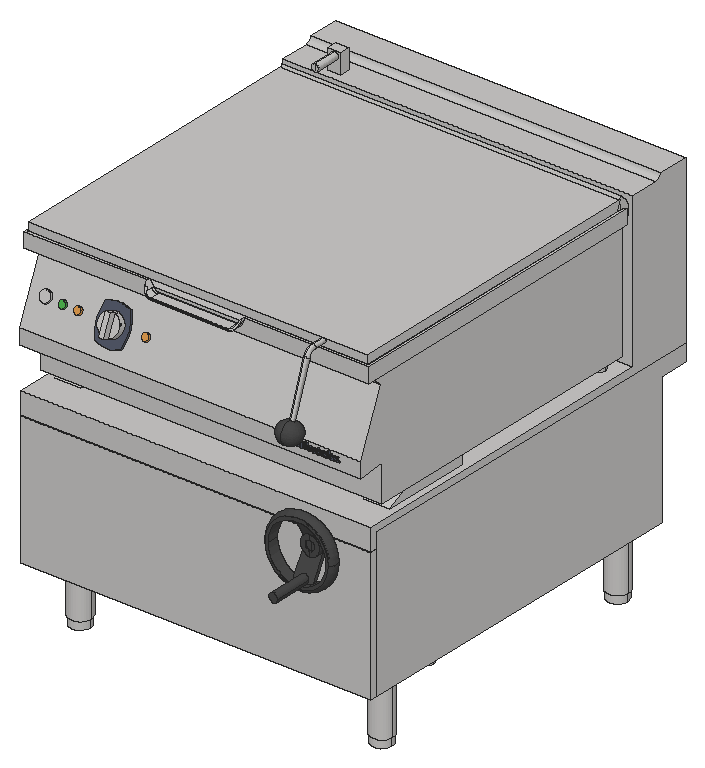
Revit family "QF_ELECTROLUXPROFESSIONAL_391145_E9BREHDOF0", category Specialty Equipment, Revit 2018
Family settings
  Round Connector Dimension = Use Diameter
  Part Type = Normal
  Work Plane-Based = No
  Always vertical = Yes
  Cut with Voids When Loaded = No
  Shared = No
  Room Calculation Point = No
Parameters
  Width = 800 mm  # constant formula
  Weight in Pounds = 150  # constant formula
  Watts = 13000 VA  # 13000 W
  Volts = 400 V  # constant formula
  URL Cutsheet = "www.electrolux.com"
  URL = "www.electrolux.com"
  Type Mark [instance] = ""
  Status [instance] = ""
  Specification by User [instance] = ""
  Specification by Manufacturer = ""
  Show Logo [instance] = yes
  Show Clearance [instance] = yes
  Serial Number = ""
  Seismic Rating = ""
  SMACNA No = ""
  Revision Code [instance] = ""
  Plumbing Remarks [instance] = ""
  Plumbing Connection Type [instance] = ""
  Phase = 3
  Omniclass Number and Title = ""
  Number of Poles [instance] = 1
  NAFEM Spec ID Number = ""
  Model = "391145"
  Min Ckt Ampacity = 0 A
  Max Overcurrent Protection = 0 A
  Masterspec = ""
  Manufacturer = "ELECTROLUX"
  Item Number [instance] = ""
  Installed By [instance] = ""
  Identify Quantity as Lot [instance] = yes
  Height = 850 mm  # constant formula
  HP = "17.4 HP"
  Furnished By [instance] = ""
  Foodservice Equipment Identifier [instance] = yes
  FL Amps = if(Phase = 3, Watts / (Volts * 1.73), Watts / Volts)  # 18.7861 A
  Electrical Remarks [instance] = "400 V/3N ph/50/60 Hz"  # constant formula
  Electric Connection Type [instance] = ""
  Elec Conn RI Height [instance] = 0 mm
  Elec Conn Connection Height [instance] = 0 mm
  Direct Waste Size = 0"
  Description = "900XP ELECTRIC BRATT PAN – 80 LITER WITH DUOMAT BOTTOM"
  Depth = 915 mm  # constant formula
  Cycle [instance] = if([60 Hertz Option], 60 Hz, 50 Hz)  # 60 Hz
  Conn Plug = ""
  Conn Conduit = yes
  Cold Water Temperature Recommended [instance] = -459.67 °F
  Cold Water Size = 3/4"
  Cold Water RI Height [instance] = 0 mm
  Cold Water Minimum Pressure = 0.00 psi
  Cold Water Maximum Pressure = 0.00 psi
  Cold Water Flow [instance] = 0 GPM
  Cold Water Consumption = ""
  Cold Water Connection Height = 0 mm
  CSI MasterFormat = ""
  CSI Master Format = ""
  Assembly Code = ""
  Apparent Power = if(Phase = 3, Volts * FL Amps * 1.73, Volts * FL Amps)  # 13000 VA
  60 Hertz Option [instance] = not([50 Hertz Option])  # yes
  50 Hertz Option [instance] = no
Reference planes
  plane 1 "BACK": y = 0
  plane 2: z = 0
  plane 3 "LEFT": x = 0
  plane 4 "RIGHT": x = 800
  plane 5 "FRONT": y = -915
  plane 6 "TOP": z = 898
  plane 7 "Center Y": x = 400
  plane 8 "Center X": y = -457.5
  plane 9 "Base": z = 149
  plane 10: z = 502.193
  plane 11: z = 1653
  plane 12: y = -125
  plane 13: y = -799
  plane 14: y = -1034
  plane 15: x = 55
  plane 16: y = -160.853
  plane 17: x = 745
  plane 18: y = -1014
  plane 19: y = -899.182
  plane 20: x = 786
  plane 21: z = 850
  plane 22: x = 389
  plane 23: y = -702.182
  plane 24: y = -760.182
  plane 25: x = 340
Forms (mm)
  Revolve 1, solid, material "QF_Finishes_Stainless Steel"
    sketch origin (0, -125, 0) x (1, 0, 0) y (0, 0, 1)
      loop
        line (55, 0) -> (55, 149) -> (29.6, 149) -> (29.6, 19.05) -> (32.1, 19.05) -> (32.1, 0) -> (55, 0)
      axis (55, 0) -> (55, 149)
    angle from 0 to 360
  Revolve 2, solid, material "QF_Finishes_Stainless Steel"
    sketch origin (0, -799, 0) x (1, 0, 0) y (0, 0, 1)
      loop
        line (55, 0) -> (55, 149) -> (29.6, 149) -> (29.6, 19.05) -> (32.1, 19.05) -> (32.1, 0) -> (55, 0)
      axis (55, 0) -> (55, 149)
    angle from 0 to 360
  Extrusion 3, solid, material "QF_Finishes_Stainless Steel"
    sketch origin (0, -214.682, 0) x (0, 1, 0) y (0, 0, 1)
      loop
        line (214.682, 487.193) -> (214.682, 866.248) -> (143.055, 866.248)
        arc (143.055, 866.248) -> (139.432, 857.502) -> (130.686, 853.88) r 12.368
        line (130.686, 853.88) -> (64.682, 853.88) -> (64.682, 502.193) -> (-684.5, 502.193) -> (-684.5, 452.193) -> (-669.5, 452.193) -> (-669.5, 487.193) -> (214.682, 487.193)
      loop
        line (-669.5, 149) -> (-669.5, 451.193) -> (-684.5, 451.193) -> (-684.5, 149) -> (-669.5, 149)
    from 0 to 800
  Extrusion 4, solid, material "QF_Finishes_Stainless Steel"
    sketch origin (0, -214.682, 0) x (0, 1, 0) y (0, 0, 1)
      loop
        line (44.029, 528.406) -> (44.029, 817.127) -> (-678.5, 817.127) -> (-678.5, 809.681) -> (-643.264, 774.446) -> (-700.318, 641.094) -> (-700.318, 606.094) -> (-640.765, 613.406) -> (-640.765, 528.406) -> (44.029, 528.406)
    from 10 to 790
  Sweep 5, solid, material "QF_Finishes_Stainless Steel"
    path origin (0, -204.882, 145) x (-1, 0, 0) y (0, -1, 0)
      loop
        line (-290, 694.3) -> (-5, 694.3) -> (-5, -44.029) -> (-795, -44.029) -> (-795, 694.3) -> (-510, 694.3)
    profile origin (652.5, -899.182, 145) x (0, -1, 0) y (0, 0, 1)
      loop
        line (-5, 651.359) -> (0, 651.359) -> (0, 685.301) -> (-6, 685.301) -> (-6, 681.062) -> (-5, 681.062) -> (-5, 651.359)
  Extrusion 6, solid, material "QF_Finishes_Stainless Steel"
    sketch origin (0, -214.682, -5) x (0, 1, 0) y (0, 0, 1)
      loop
        line (33.715, 835.301) -> (42.572, 855) -> (-677.138, 855) -> (-677.138, 835.301) -> (33.715, 835.301)
      loop
        arc (64.305, 837.022) -> (57.071, 850.749) -> (45.92, 861.539) r 49.182
        line (45.92, 861.539) -> (39.069, 846.301) -> (45.904, 846.301) -> (45.904, 832.604) -> (64.305, 814.204) -> (64.305, 837.022)
    from 12.363 to 787.637
  Extrusion 7, solid, material "QF_Finishes_Stainless Steel"
    sketch origin (0, -214.682, 0) x (0, 1, 0) y (0, 0, 1)
      loop
        line (-403.818, 528.406) -> (-556.057, 528.406) -> (-609.801, 502.193) -> (-403.818, 502.193) -> (-403.818, 528.406)
    from 16.63 to 76.513
  Extrusion 8, solid, material "QF_Finishes_Stainless Steel"
    sketch origin (0, -207.182, 150) x (-1, 0, 0) y (0, -1, 0)
      loop
        circle (-46.571, -17.496) r 15
      loop
        circle (-753.429, -17.496) r 15
    from 352.193 to 383.406
  Extrusion 9, solid, material "QF_Finishes_Stainless Steel"
    sketch origin (0, -64.682, 0) x (0, 1, 0) y (0, 0, 1)
      loop
        line (-43.387, 853.88) -> (-43.387, 898) -> (-67.444, 898) -> (-67.444, 853.88) -> (-43.387, 853.88)
    from 87.469 to 116.843
  Revolve 10, solid, material "QF_Finishes_Stainless Steel"
    sketch origin (103.25, -64.682, 0) x (0, 1, 0) y (0, 0, 1)
      loop
        line (-67.444, 888.097) -> (-67.444, 896.222) -> (-123.629, 896.222) -> (-123.629, 888.097) -> (-67.444, 888.097)
      axis (-123.629, 888.097) -> (-67.444, 888.097)
    angle from 0 to 360
  Extrusion 11, solid, material "QF_Clearances", visible <- "Show Clearance", detail levels coarse
    sketch origin (0, -214.682, 0) x (1, 0, 0) y (0, 1, 0)
      loop
        line (800, 214.682) -> (800, -700.318) -> (850, -700.318) -> (850, 264.682) -> (-50, 264.682) -> (-50, -700.318) -> (0, -700.318) -> (0, 214.682) -> (800, 214.682)
    from 0 to 898
  Extrusion 12, solid, material "QF_Finishes_Stainless Steel"
    sketch origin (800, 0, 0) x (0, 1, 0) y (0, 0, 1)
      loop
        line (-884.182, 149) -> (-69, 149) -> (-69, 448) -> (0, 448) -> (0, 487.193) -> (-884.182, 487.193) -> (-884.182, 149)
    from 0 to -800
  Revolve 13, solid, material "QF_Finishes_Stainless Steel"
    sketch origin (1000, -125, 0) x (-1, 0, 0) y (0, 0, -1)
      loop
        line (255, 0) -> (232.1, 0) -> (232.1, -19.05) -> (229.6, -19.05) -> (229.6, -149) -> (255, -149) -> (255, 0)
      axis (255, 0) -> (255, -149)
    angle from 0 to 360
  Revolve 14, solid, material "QF_Finishes_Stainless Steel"
    sketch origin (1000, -799, 0) x (-1, 0, 0) y (0, 0, -1)
      loop
        line (255, 0) -> (232.1, 0) -> (232.1, -19.05) -> (229.6, -19.05) -> (229.6, -149) -> (255, -149) -> (255, 0)
      axis (255, 0) -> (255, -149)
    angle from 0 to 360
  Sweep 15, solid, material "QF_Finishes_Stainless Steel"
    path origin (8.84, -214.682, -10) x (0, 1, 0) y (0, 0, 1)
      loop
        line (-677.138, 852.831) -> (-705.492, 852.831)
        arc (-705.492, 852.831) -> (-716.963, 849.214) -> (-724.286, 839.672) r 20
        line (-724.286, 839.672) -> (-765.322, 726.924)
    profile origin (8.84, -905.997, 842.831) x (0, 0, -1) y (1, 0, 0)
      loop
        circle (0, 676.16) r 5
  Revolve 16, solid, material "QF_Finishes_Black"
    sketch origin (685, -194.682, 0) x (0, 1, 0) y (0, 0, 1)
      loop
        line (-785.322, 716.924) -> (-792.738, 719.623)
        arc (-792.738, 719.623) -> (-818.978, 701.075) -> (-800.713, 674.638) r 22.845
        line (-800.713, 674.638) -> (-785.322, 716.924)
      axis (-785.322, 716.924) -> (-800.713, 674.638)
    angle from 0 to 360
  Extrusion 17, solid, material "QF_Finishes_Stainless Steel"
    sketch origin (800, -69, 149) x (-1, 0, 0) y (0, 1, 0)
      loop
        circle (14, -649.182) r 12.7
    from 0 to 5
  Extrusion 18, solid, material "QF_Finishes_Stainless Steel"
    sketch origin (-3.75, -899.182, 149) x (0, 0, 1) y (-1, 0, 0)
      loop
        circle (289.443, -688.75) r 30
    from 0 to 5
  Extrusion 19, solid, material "QF_Finishes_Stainless Steel"
    sketch origin (800, -214.682, 0) x (0, 1, 0) y (0, 0, -1)
      loop
        line (-403.818, -528.406) -> (-403.818, -502.193) -> (-609.801, -502.193) -> (-556.057, -528.406) -> (-403.818, -528.406)
    from 16.63 to 76.513
  Revolve 20, solid, material "QF_Finishes_Black"
    sketch origin (685, -200.682, -28.57) x (0, 1, 0) y (0, 0, 1)
      loop
        line (-698.5, 467.193) -> (-698.5, 477.193) -> (-713.5, 477.193) -> (-713.5, 482.193) -> (-718.5, 482.193) -> (-718.5, 489.514) -> (-728.5, 489.514) -> (-728.5, 478.353) -> (-727.138, 478.353) -> (-727.138, 467.193) -> (-698.5, 467.193)
      axis (-698.5, 467.193) -> (-728.5, 467.193)
    angle from 0 to 360
  Sweep 21, solid, material "QF_Finishes_Black"
    path origin (10, -200.682, -28.57) x (1, 0, 0) y (0, 0, 1)
      loop
        circle (675, 467.193) r 80
    profile origin (685, -200.682, 518.623) x (0, 0, -1) y (0, -1, 0)
      loop
        arc (7.394, 765.784) -> (0.586, 756.102) -> (1.641, 744.313) r 17.21
        line (1.641, 744.313) -> (7.394, 740.784) -> (14.116, 740.784) -> (14.116, 765.784) -> (7.394, 765.784)
  Extrusion 22, solid, material "QF_Finishes_Black"
    sketch origin (10, -200.682, -28.57) x (0, 1, 0) y (0, 0, 1)
      loop
        line (-713.5, 457.193) -> (-713.5, 477.193) -> (-744.313, 533.065) -> (-751.622, 533.065) -> (-719.104, 474.103) -> (-719.104, 460.284) -> (-751.622, 401.321) -> (-744.313, 401.321) -> (-713.5, 457.193)
    from 654.029 to 698.392
  Extrusion 23, solid, material "QF_Finishes_Black"
    sketch origin (10, -200.682, -28.57) x (1, 0, 0) y (0, 0, 1)
      loop
        circle (675, 406.31) r 10
    from 742.86 to 833.318
  Extrusion 24, solid, material "QF_Finishes_Stainless Steel"
    sketch origin (0, -201.682, -15.905) x (1, 0, 0) y (0, 0, 1)
      loop
        line (509.996, 839.805) -> (509.996, 846.205) -> (502.677, 833.527)
        arc (502.677, 833.527) -> (496.674, 827.524) -> (488.474, 825.327) r 16.4
        line (488.474, 825.327) -> (311.526, 825.327)
        arc (311.526, 825.327) -> (303.32, 827.526) -> (297.312, 833.534) r 16.413
        line (297.312, 833.534) -> (289.996, 846.205) -> (289.996, 839.805) -> (294.541, 831.934)
        arc (294.541, 831.934) -> (301.72, 824.755) -> (311.526, 822.127) r 19.613
        line (311.526, 822.127) -> (488.474, 822.127)
        arc (488.474, 822.127) -> (498.274, 824.753) -> (505.448, 831.927) r 19.6
        line (505.448, 831.927) -> (509.996, 839.805)
    from 697.5 to 717.595
  Extrusion 25, void
    sketch origin (900, 188.397, 1219.2) x (0, -1, 0) y (0, 0, 1)
      loop
        line (1110.167, -415.736) -> (1110.167, -387.945) -> (1093.05, -387.945) -> (1110.167, -415.736)
    from 390 to 610
  Extrusion 26, solid, material "QF_Finishes_Navy Blue"
    sketch origin (-55.546, -1052.067, 320.727) x (0, 0.393353, 0.919387) y (-1, 0, 0)
      loop
        arc (453.989, -230.321) -> (416.907, -221.34) -> (379.375, -228.202) r 91.844
        arc (379.375, -228.202) -> (372.249, -258.844) -> (379.375, -289.487) r 69.441
        arc (379.375, -289.487) -> (416.897, -296.198) -> (453.989, -287.419) r 93.759
        arc (453.989, -287.419) -> (460.218, -258.87) -> (453.989, -230.321) r 68.543
    from 0 to 3.175
  Extrusion 27, solid, material "QF_Finishes_Orange"
    sketch origin (9.372, -901.482, 672.689) x (0, 0.393353, 0.919387) y (-1, 0, 0)
      loop
        circle (34.513, -113.251) r 8
    from 0 to 3.175
  Extrusion 28, solid, material "QF_Finishes_Green"
    sketch origin (14.068, -901.51, 672.624) x (0, 0.393353, 0.919387) y (-1, 0, 0)
      loop
        circle (34.513, -73.251) r 8
    from 0 to 3.175
  Extrusion 29, solid, material "QF_Finishes_Stainless Steel"
    sketch origin (-159.296, -918.156, 641.79) x (0, 0.393353, 0.919387) y (-1, 0, 0)
      loop
        circle (68.826, -362.213) r 25.4
    from 0 to 12.7
  Extrusion 30, solid, material "QF_Finishes_Stainless Steel"
    sketch origin (-159.296, -929.832, 646.786) x (0, 0.393353, 0.919387) y (-1, 0, 0)
      loop
        arc (93.558, -367.999) -> (94.226, -362.213) -> (93.558, -356.427) r 25.4
        line (93.558, -356.427) -> (44.094, -356.427)
        arc (44.094, -356.427) -> (43.426, -362.213) -> (44.094, -367.999) r 25.4
        line (44.094, -367.999) -> (93.558, -367.999)
    from 0 to 12.7
  Extrusion 31, solid, material "QF_Finishes_Stainless Steel"
    sketch origin (10.937, -915, 641.094) x (0, 0.393353, 0.919387) y (-1, 0, 0)
      loop
        circle (71.473, -36.635) r 12.7
    from 0 to 3.2
  Extrusion 32, solid, material "QF_Finishes_Orange"
    sketch origin (164.372, -901.482, 672.689) x (0, 0.393353, 0.919387) y (-1, 0, 0)
      loop
        circle (34.513, -113.251) r 8
    from 0 to 3.175
  Extrusion 33, solid, material "QF_Clearances", visible <- "Show Clearance", detail levels coarse
    sketch origin (0, -996.643, 709.193) x (0, 0.238373, -0.971174) y (0, 0.971174, 0.238373)
      loop
        line (33.715, 835.301) -> (42.572, 855) -> (-677.138, 855) -> (-677.138, 835.301) -> (33.715, 835.301)
      loop
        arc (64.305, 837.022) -> (57.071, 850.749) -> (45.92, 861.539) r 49.182
        line (45.92, 861.539) -> (39.069, 846.301) -> (45.904, 846.301) -> (45.904, 832.604) -> (64.305, 814.204) -> (64.305, 837.022)
    from 12.363 to 787.637
  Sweep 34, solid, material "QF_Clearances", visible <- "Show Clearance", detail levels coarse
    path origin (8.84, -1001.499, 708.002) x (0, 0.238373, -0.971174) y (0, 0.971174, 0.238373)
      loop
        line (-677.138, 852.831) -> (-705.492, 852.831)
        arc (-705.492, 852.831) -> (-716.963, 849.214) -> (-724.286, 839.672) r 20
        line (-724.286, 839.672) -> (-765.322, 726.924)
    profile origin (8.84, -338.043, 1582.68) x (0, -0.971174, -0.238373) y (1, 0, 0)
      loop
        circle (0, 676.16) r 5
  Revolve 35, solid, material "QF_Clearances", visible <- "Show Clearance", detail levels coarse
    sketch origin (685, -987.02, 690.962) x (0, 0.238373, -0.971174) y (0, 0.971174, 0.238373)
      loop
        line (-785.322, 716.924) -> (-792.738, 719.623)
        arc (-792.738, 719.623) -> (-818.978, 701.075) -> (-800.713, 674.638) r 22.845
        line (-800.713, 674.638) -> (-785.322, 716.924)
      axis (-785.322, 716.924) -> (-800.713, 674.638)
    angle from 0 to 360
  Extrusion 36, solid, material "QF_Finishes_Navy Blue", visible <- "Show Logo"
    sketch origin (486.175, -915, 608.853) x (0, 0, 1) y (-1, 0, 0)
      loop
        line (27.359, -159.055) -> (14.993, -159.055)
        arc (14.993, -159.055) -> (21.176, -163.626) -> (27.359, -159.055) r 6.467
      loop
        arc (27.359, -158.426) -> (26.19, -153.283) -> (21.534, -150.805) r 6.338
        line (21.534, -150.805) -> (21.534, -152.851)
        arc (21.534, -152.851) -> (23.018, -156.506) -> (26.464, -158.426) r 5.941
        line (26.464, -158.426) -> (27.359, -158.426)
      loop
        arc (15.888, -158.426) -> (19.334, -156.506) -> (20.817, -152.851) r 5.941
        line (20.817, -152.851) -> (20.817, -150.805)
        arc (20.817, -150.805) -> (16.123, -153.279) -> (14.834, -158.426) r 6.504
        line (14.834, -158.426) -> (15.888, -158.426)
      loop
        line (28.034, -150.336) -> (14.29, -150.336) -> (14.29, -164.099) -> (28.034, -164.099) -> (28.034, -150.336)
      loop
        arc (28.118, -167.066) -> (27.77, -166.709) -> (27.403, -167.047) r 0.358
        arc (27.403, -167.047) -> (27.089, -167.797) -> (26.372, -168.182) r 1.216
        line (26.372, -168.182) -> (15.959, -168.182)
        arc (15.959, -168.182) -> (15.299, -167.904) -> (14.903, -167.308) r 1.238
        arc (14.903, -167.308) -> (14.509, -167.057) -> (14.203, -167.411) r 0.358
        line (14.203, -167.411) -> (14.203, -177.29) -> (16.954, -177.29) -> (16.954, -176.393)
        arc (16.954, -176.393) -> (16.045, -175.813) -> (15.589, -174.836) r 1.928
        line (15.589, -174.836) -> (15.589, -172.337)
        arc (15.589, -172.337) -> (15.865, -171.608) -> (16.553, -171.244) r 1.101
        line (16.553, -171.244) -> (20.64, -171.244) -> (20.64, -174.917)
        arc (20.64, -174.917) -> (20.287, -175.414) -> (19.722, -175.642) r 1.083
        arc (19.722, -175.642) -> (19.459, -175.948) -> (19.751, -176.226) r 0.292
        line (19.751, -176.226) -> (22.713, -176.226)
        arc (22.713, -176.226) -> (23.016, -175.953) -> (22.777, -175.623) r 0.305
        arc (22.777, -175.623) -> (22.286, -175.375) -> (21.981, -174.917) r 1.083
        line (21.981, -174.917) -> (21.981, -171.244) -> (26.659, -171.244) -> (26.659, -174.991)
        arc (26.659, -174.991) -> (26.444, -175.747) -> (25.838, -176.245) r 1.314
        arc (25.838, -176.245) -> (25.619, -176.649) -> (25.973, -176.941) r 0.361
        line (25.973, -176.941) -> (28.118, -176.941) -> (28.118, -167.066)
      loop
        arc (27.4, -177.722) -> (27.02, -178.641) -> (26.101, -179.021) r 1.299
        line (26.101, -179.021) -> (16.522, -179.021)
        arc (16.522, -179.021) -> (15.684, -178.643) -> (15.413, -177.765) r 1.118
        line (15.413, -177.765) -> (14.203, -177.765) -> (14.203, -183.115) -> (15.391, -183.115)
        arc (15.391, -183.115) -> (15.663, -182.198) -> (16.533, -181.802) r 1.153
        line (16.533, -181.802) -> (28.605, -181.802) -> (27.4, -177.722)
      loop
        line (19.168, -185.751) -> (19.168, -192.198) -> (19.967, -192.198)
        arc (19.967, -192.198) -> (22.547, -191.214) -> (23.816, -188.76) r 3.874
        line (23.816, -188.76) -> (23.816, -187)
        arc (23.816, -187) -> (22.629, -184.135) -> (19.765, -182.949) r 4.051
        line (19.765, -182.949) -> (17.757, -182.949)
        arc (17.757, -182.949) -> (14.938, -184.434) -> (13.887, -187.441) r 4.352
        arc (13.887, -187.441) -> (14.251, -189.904) -> (15.629, -191.978) r 5.713
        line (15.629, -191.978) -> (16.578, -191.978)
        arc (16.578, -191.978) -> (15.845, -190.409) -> (15.629, -188.691) r 5.579
        arc (15.629, -188.691) -> (16.422, -186.728) -> (18.301, -185.751) r 3.057
        line (18.301, -185.751) -> (19.168, -185.751)
      loop
        line (20.427, -185.751) -> (20.427, -189.333)
        arc (20.427, -189.333) -> (21.884, -189.38) -> (22.767, -188.221) r 1.59
        line (22.767, -188.221) -> (22.767, -187.391)
        arc (22.767, -187.391) -> (21.902, -186.136) -> (20.427, -185.751) r 2.184
      loop
        arc (23.218, -201.616) -> (23.707, -199.942) -> (23.864, -198.205) r 9.023
        line (23.864, -198.205) -> (23.864, -196.843)
        arc (23.864, -196.843) -> (22.705, -194.043) -> (19.905, -192.883) r 3.959
        line (19.905, -192.883) -> (17.305, -192.883)
        arc (17.305, -192.883) -> (15.023, -194.176) -> (13.906, -196.549) r 4.331
        line (13.906, -196.549) -> (13.906, -198.684)
        arc (13.906, -198.684) -> (14.414, -200.234) -> (15.336, -201.58) r 5.772
        arc (15.336, -201.58) -> (16.098, -201.631) -> (16.184, -200.872) r 0.553
        arc (16.184, -200.872) -> (15.796, -200.138) -> (15.662, -199.319) r 2.573
        line (15.662, -199.319) -> (15.662, -197.804)
        arc (15.662, -197.804) -> (16.668, -196.162) -> (18.483, -195.52) r 2.884
        line (18.483, -195.52) -> (19.762, -195.52)
        arc (19.762, -195.52) -> (21.583, -196.08) -> (22.509, -197.745) r 2.554
        line (22.509, -197.745) -> (22.509, -198.798)
        arc (22.509, -198.798) -> (22.178, -199.726) -> (21.521, -200.461) r 2.564
        arc (21.521, -200.461) -> (21.299, -201.178) -> (21.909, -201.616) r 0.643
        line (21.909, -201.616) -> (23.218, -201.616)
      loop
        line (22.2, -201.886) -> (22.2, -203.387) -> (16.152, -203.387)
        arc (16.152, -203.387) -> (14.564, -204.045) -> (13.906, -205.633) r 2.246
        line (13.906, -205.633) -> (13.906, -207.217)
        arc (13.906, -207.217) -> (14.22, -208.081) -> (14.72, -208.853) r 4.06
        arc (14.72, -208.853) -> (15.453, -208.986) -> (15.704, -208.285) r 0.576
        arc (15.704, -208.285) -> (15.598, -207.759) -> (15.662, -207.227) r 1.69
        arc (15.662, -207.227) -> (16.204, -206.439) -> (17.11, -206.136) r 1.506
        line (17.11, -206.136) -> (22.248, -206.136) -> (22.248, -208.533) -> (22.805, -209.089) -> (23.626, -209.089) -> (23.626, -206.23) -> (26.857, -206.23) -> (22.2, -201.886)
      loop
        line (14.124, -209.987) -> (14.124, -215.374) -> (15.234, -215.374)
        arc (15.234, -215.374) -> (15.627, -214.423) -> (16.578, -214.029) r 1.345
        line (16.578, -214.029) -> (20.195, -214.029)
        arc (20.195, -214.029) -> (20.959, -214.621) -> (21.249, -215.543) r 1.615
        line (21.249, -215.543) -> (21.249, -217.099) -> (23.805, -217.784) -> (23.805, -216.401) -> (21.862, -213.842) -> (23.742, -213.842) -> (23.458, -211.136)
        arc (23.458, -211.136) -> (23.018, -210.606) -> (22.359, -210.807) r 0.621
        arc (22.359, -210.807) -> (21.959, -211.149) -> (21.465, -211.332) r 1.501
        line (21.465, -211.332) -> (16.578, -211.332)
        arc (16.578, -211.332) -> (15.627, -210.938) -> (15.234, -209.987) r 1.345
        line (15.234, -209.987) -> (14.124, -209.987)
      loop
        line (20.225, -217.321) -> (17.533, -217.321)
        arc (17.533, -217.321) -> (15.088, -218.629) -> (13.954, -221.159) r 4.288
        arc (13.954, -221.159) -> (13.89, -222.54) -> (13.954, -223.92) r 15.022
        arc (13.954, -223.92) -> (15.088, -226.451) -> (17.533, -227.758) r 4.288
        line (17.533, -227.758) -> (20.225, -227.758)
        arc (20.225, -227.758) -> (22.671, -226.451) -> (23.805, -223.92) r 4.288
        arc (23.805, -223.92) -> (23.868, -222.54) -> (23.805, -221.159) r 15.022
        arc (23.805, -221.159) -> (22.671, -218.629) -> (20.225, -217.321) r 4.288
      loop
        line (20.43, -220.435) -> (17.328, -220.435)
        arc (17.328, -220.435) -> (15.171, -222.592) -> (17.328, -224.749) r 2.157
        line (17.328, -224.749) -> (20.43, -224.749)
        arc (20.43, -224.749) -> (22.587, -222.592) -> (20.43, -220.435) r 2.157
      loop
        arc (27.411, -227.616) -> (27.041, -228.51) -> (26.147, -228.881) r 1.264
        line (26.147, -228.881) -> (16.282, -228.881)
        arc (16.282, -228.881) -> (15.412, -228.484) -> (15.141, -227.568) r 1.153
        line (15.141, -227.568) -> (14.203, -227.568) -> (14.203, -232.676) -> (15.131, -232.676)
        arc (15.131, -232.676) -> (15.49, -231.904) -> (16.282, -231.589) r 1.153
        line (16.282, -231.589) -> (28.605, -231.589) -> (27.411, -227.616)
      loop
        arc (22.531, -232.213) -> (22.332, -233.278) -> (21.363, -233.76) r 1.215
        line (21.363, -233.76) -> (16.343, -233.76)
        arc (16.343, -233.76) -> (14.728, -234.407) -> (14.008, -235.99) r 2.338
        line (14.008, -235.99) -> (14.008, -237.505)
        arc (14.008, -237.505) -> (14.182, -238.509) -> (14.684, -239.395) r 2.979
        line (14.684, -239.395) -> (14.203, -241.192) -> (14.203, -242.88) -> (23.629, -242.88) -> (23.335, -238.677) -> (22.548, -238.677)
        arc (22.548, -238.677) -> (22.192, -239.513) -> (21.44, -240.022) r 1.605
        line (21.44, -240.022) -> (16.337, -240.022)
        arc (16.337, -240.022) -> (15.917, -239.085) -> (15.844, -238.061) r 2.94
        arc (15.844, -238.061) -> (16.405, -236.96) -> (17.558, -236.517) r 1.724
        line (17.558, -236.517) -> (23.755, -236.517) -> (22.531, -232.213)
      loop
        line (23.559, -243.734) -> (21.887, -245.78) -> (18.713, -248.086) -> (15.257, -244.974)
        arc (15.257, -244.974) -> (15.02, -244.58) -> (15.042, -244.121) r 0.789
        line (15.042, -244.121) -> (14.203, -244.121) -> (14.203, -247.666) -> (15.029, -247.666)
        arc (15.029, -247.666) -> (15.372, -247.304) -> (15.862, -247.396) r 0.52
        line (15.862, -247.396) -> (17.661, -248.867) -> (15.543, -250.242)
        arc (15.543, -250.242) -> (15.142, -249.932) -> (15.055, -249.433) r 0.7
        line (15.055, -249.433) -> (14.203, -249.433) -> (14.203, -255.36) -> (15.09, -255.36)
        arc (15.09, -255.36) -> (15.157, -254.701) -> (15.552, -254.17) r 1.247
        line (15.552, -254.17) -> (19.751, -250.889) -> (22.198, -252.942) -> (23.559, -254.684) -> (23.559, -250.96) -> (22.074, -251.383) -> (20.553, -250.106) -> (22.253, -248.916) -> (23.559, -249.692) -> (23.559, -243.734)
    from 0 to 1.644
  Extrusion 37, solid, material "QF_Finishes_Stainless Steel"
    sketch origin (290, -899.182, 830.301) x (-1, 0, 0) y (0, 0, -1)
      loop
        line (0.004, 33.941) -> (-220, 33.941) -> (-220, -0.006) -> (-212.677, 12.678)
        arc (-212.677, 12.678) -> (-206.674, 18.681) -> (-198.474, 20.878) r 16.4
        line (-198.474, 20.878) -> (-21.526, 20.878)
        arc (-21.526, 20.878) -> (-13.32, 18.679) -> (-7.312, 12.672) r 16.413
        line (-7.312, 12.672) -> (0.004, 0) -> (0.004, 33.941)
    from 0 to -6
  Extrusion 38, solid, material "QF_Finishes_Stainless Steel"
    sketch origin (0, 0, 0) x (0, 1, 0) y (0, 0, 1)
      loop
        circle (-760.182, 325) r 9.525
    from 350.873 to 389
  Extrusion 39, solid, material "QF_Finishes_Stainless Steel"
    sketch origin (0, -915, 0) x (1, 0, 0) y (0, 0, 1)
      loop
        circle (340, 220) r 6.35
    from -212.818 to -194.708
Cuts and joins
  Extrusion 25 cuts Extrusion 24
  joined: Sweep 5, Extrusion 24, Extrusion 37
Lines and regions (mm)
  symbolic lines
    curve 1: line (10, -915, 149) -> (197.131, -915, 149)
    curve 2: line (0, -899.182, 149) -> (280.622, -899.182, 149)
    curve 3: line (5, -160.853, 149) -> (5, -899.182, 149)
    curve 4: line (0, 0, 149) -> (0, -899.182, 149)
    curve 5: line (800, -899.182, 149) -> (800, 0, 149)
    curve 6: line (5, -160.853, 149) -> (95.125, -160.853, 149)
    curve 7: line (789, -171.653, 149) -> (111.375, -171.653, 149)
    curve 8: line (0, -71.628, 149) -> (800, -71.628, 149)
    curve 9: line (111.375, -160.853, 149) -> (795, -160.853, 149)
    curve 10: line (95.125, -172.111, 149) -> (12.363, -172.111, 149)
    curve 11: line (90.942, -172.111, 149) -> (90.942, -192.672, 149)
    curve 12: line (117.192, -171.653, 149) -> (117.192, -192.672, 149)
    curve 13: arc (90.942, -192.672, 149) -> (104.067, -205.797, 149) -> (117.192, -192.672, 149) r 13.125
    curve 14: line (504.543, -915, 149) -> (680, -915, 149)
    curve 15: line (12.363, -891.82, 149) -> (787.637, -891.82, 149)
    curve 16: line (0, 0, 149) -> (800, 0, 149)
    curve 20: line (680, -980.005, 149) -> (680, -891.82, 149)
    curve 21: line (690, -980.005, 149) -> (690, -891.82, 149)
    curve 22: spline (685, -987.42, 149) -> (686.603, -987.265, 149) -> (688.14, -986.808, 149) -> (689.545, -986.066, 149) -> (690.761, -985.072, 149) -> (691.737, -983.866, 149) -> (692.431, -982.499, 149) -> (692.815, -981.028, 149) -> (692.874, -979.515, 149) -> (692.604, -978.022, 149) -> (692.016, -976.611, 149) -> (691.136, -975.342, 149) -> (690, -974.268, 149)
    curve 23: spline (690, -980.005, 149) -> (689.957, -980.618, 149) -> (689.83, -981.221, 149) -> (689.619, -981.803, 149) -> (689.33, -982.354, 149) -> (688.967, -982.865, 149) -> (688.536, -983.327, 149) -> (688.044, -983.732, 149) -> (687.5, -984.074, 149) -> (686.913, -984.345, 149) -> (686.294, -984.543, 149) -> (685.653, -984.663, 149) -> (685, -984.703, 149)
    curve 24: spline (685, -984.703, 149) -> (684.347, -984.663, 149) -> (683.706, -984.543, 149) -> (683.087, -984.345, 149) -> (682.5, -984.074, 149) -> (681.956, -983.732, 149) -> (681.464, -983.327, 149) -> (681.033, -982.865, 149) -> (680.67, -982.354, 149) -> (680.381, -981.803, 149) -> (680.17, -981.221, 149) -> (680.043, -980.618, 149) -> (680, -980.005, 149)
    curve 25: spline (680, -974.268, 149) -> (678.864, -975.342, 149) -> (677.984, -976.611, 149) -> (677.396, -978.022, 149) -> (677.126, -979.515, 149) -> (677.185, -981.028, 149) -> (677.569, -982.499, 149) -> (678.263, -983.866, 149) -> (679.239, -985.072, 149) -> (680.455, -986.066, 149) -> (681.86, -986.808, 149) -> (683.397, -987.265, 149) -> (685, -987.42, 149)
    curve 26: line (95.125, -188.311, 149) -> (111.375, -188.311, 149)
    curve 27: line (95.125, -132.127, 149) -> (95.125, -188.311, 149)
    curve 28: line (111.375, -188.311, 149) -> (111.375, -132.127, 149)
    curve 29: line (87.469, -132.127, 149) -> (116.843, -132.127, 149)
    curve 30: line (87.469, -108.069, 149) -> (87.469, -132.127, 149)
    curve 31: line (116.843, -108.069, 149) -> (87.469, -108.069, 149)
    curve 32: line (116.843, -132.127, 149) -> (116.843, -108.069, 149)
    curve 33: arc (680, -961.314, 149) -> (685, -1014, 149) -> (690, -961.314, 149) r 26.58
    curve 34: line (695, -1034, 182) -> (695, -1012.047, 182)
    curve 35: line (675, -1034, 182) -> (675, -1012.047, 182)
    curve 36: line (675, -1034, 182) -> (695, -1034, 182)
    curve 37: line (757.606, -966.466, 182) -> (701.354, -966.466, 182)
    curve 38: line (612.394, -941.466, 182) -> (680, -941.466, 182)
    curve 39: line (606.641, -944.996, 182) -> (680, -944.996, 182)
    curve 40: arc (763.359, -944.996, 182) -> (764.431, -956.789, 182) -> (757.606, -966.466, 182) r 17.151
    curve 41: line (757.606, -941.466, 182) -> (763.359, -944.996, 182)
    curve 42: line (708.392, -915, 182) -> (708.392, -941.466, 182)
    curve 43: line (664.029, -941.466, 182) -> (664.029, -915, 182)
    curve 44: arc (606.641, -944.996, 182) -> (605.569, -956.789, 182) -> (612.394, -966.466, 182) r 17.151
    curve 45: line (612.394, -941.466, 182) -> (606.641, -944.996, 182)
    curve 46: line (690, -944.996, 182) -> (763.359, -944.996, 182)
    curve 47: line (690, -941.466, 182) -> (757.606, -941.466, 182)
    curve 48: line (612.394, -966.466, 182) -> (668.646, -966.466, 182)
    curve 49: line (0, -150, 182) -> (95.125, -150, 182)
    curve 50: line (800, -150, 182) -> (111.375, -150, 182)
    curve 51: line (12.363, -891.82, 149) -> (12.363, -172.111, 149)
    curve 52: line (787.637, -891.82, 149) -> (787.637, -171.653, 149)
    curve 53: line (790, -915, 182) -> (790, -899.182, 182)
    curve 54: line (10, -899.182, 182) -> (10, -915, 182)
    curve 55: line (795, -160.853, 149) -> (795, -899.182, 149)
    curve 56: line (197.131, -924.708, 149) -> (197.131, -899.182, 149)
    curve 57: line (208.703, -924.708, 149) -> (208.703, -899.182, 149)
    curve 58: line (197.131, -924.708, 149) -> (208.703, -924.708, 149)
    curve 59: line (197.131, -915.021, 149) -> (180.061, -915.021, 149)
    curve 60: line (208.703, -915.021, 149) -> (225.774, -915.021, 149)
    curve 61: spline (208.703, -912.487, 182) -> (212.151, -912.066, 182) -> (215.413, -911.457, 182) -> (218.422, -910.673, 182) -> (221.118, -909.728, 182) -> (223.446, -908.643, 182) -> (225.359, -907.438, 182) -> (226.819, -906.14, 182) -> (227.796, -904.772, 182) -> (228.27, -903.365, 182) -> (228.233, -901.945, 182) -> (227.683, -900.541, 182) -> (226.634, -899.182, 182)
    curve 62: spline (225.812, -907.085, 182) -> (226.505, -906.99, 182) -> (227.196, -906.892, 182) -> (227.884, -906.792, 182) -> (228.569, -906.688, 182) -> (229.251, -906.581, 182) -> (229.93, -906.472, 182) -> (230.606, -906.36, 182) -> (231.28, -906.245, 182) -> (231.95, -906.127, 182) -> (232.617, -906.007, 182) -> (233.28, -905.884, 182) -> (233.941, -905.758, 182)
    curve 63: spline (233.941, -905.758, 182) -> (234.472, -905.225, 182) -> (234.983, -904.689, 182) -> (235.472, -904.15, 182) -> (235.94, -903.608, 182) -> (236.386, -903.063, 182) -> (236.811, -902.515, 182) -> (237.215, -901.965, 182) -> (237.596, -901.413, 182) -> (237.956, -900.858, 182) -> (238.294, -900.302, 182) -> (238.609, -899.743, 182) -> (238.903, -899.182, 182)
    curve 64: spline (197.131, -912.487, 182) -> (193.683, -912.066, 182) -> (190.421, -911.457, 182) -> (187.412, -910.673, 182) -> (184.717, -909.728, 182) -> (182.389, -908.643, 182) -> (180.475, -907.438, 182) -> (179.015, -906.14, 182) -> (178.038, -904.772, 182) -> (177.564, -903.365, 182) -> (177.602, -901.945, 182) -> (178.151, -900.541, 182) -> (179.201, -899.182, 182)
    curve 65: spline (167.58, -899.182, 182) -> (167.88, -899.743, 182) -> (168.203, -900.303, 182) -> (168.549, -900.86, 182) -> (168.917, -901.415, 182) -> (169.307, -901.967, 182) -> (169.72, -902.517, 182) -> (170.154, -903.065, 182) -> (170.611, -903.61, 182) -> (171.09, -904.151, 182) -> (171.59, -904.69, 182) -> (172.112, -905.225, 182) -> (172.656, -905.758, 182)
    curve 66: spline (172.656, -905.758, 182) -> (173.244, -905.87, 182) -> (173.834, -905.98, 182) -> (174.427, -906.088, 182) -> (175.022, -906.194, 182) -> (175.62, -906.297, 182) -> (176.22, -906.398, 182) -> (176.823, -906.498, 182) -> (177.428, -906.594, 182) -> (178.036, -906.689, 182) -> (178.645, -906.781, 182) -> (179.257, -906.871, 182) -> (179.871, -906.959, 182)
    curve 67: line (208.703, -915, 149) -> (295.414, -915, 149)
    curve 68: line (519.371, -899.182, 182) -> (505.448, -914.035, 182)
    curve 69: spline (505.442, -914.033, 182) -> (504.902, -914.595, 182) -> (504.301, -915.14, 182) -> (503.641, -915.666, 182) -> (502.924, -916.17, 182) -> (502.153, -916.653, 182) -> (501.331, -917.111, 182) -> (500.459, -917.544, 182) -> (499.542, -917.95, 182) -> (498.582, -918.327, 182) -> (497.581, -918.675, 182) -> (496.544, -918.992, 182) -> (495.475, -919.277, 182)
    curve 70: line (304.523, -919.277, 182) -> (495.475, -919.277, 182)
    curve 71: line (294.541, -914.031, 182) -> (280.622, -899.182, 182)
    curve 72: spline (304.523, -919.277, 182) -> (303.452, -918.992, 182) -> (302.414, -918.675, 182) -> (301.413, -918.327, 182) -> (300.452, -917.949, 182) -> (299.534, -917.543, 182) -> (298.662, -917.11, 182) -> (297.838, -916.651, 182) -> (297.067, -916.168, 182) -> (296.35, -915.663, 182) -> (295.689, -915.137, 182) -> (295.087, -914.592, 182) -> (294.547, -914.029, 182)
    curve 73: line (519.371, -899.182, 149) -> (680, -899.182, 149)
    curve 74: line (690, -899.182, 149) -> (800, -899.182, 149)
    curve 75: line (690, -915, 149) -> (790, -915, 149)
  symbolic lines, style "QF_Clearances", visible <- "Show Clearance", detail levels coarse
    curve 17: line (-50, 50, 150) -> (-50, -918.182, 150)
    curve 18: line (850, 50, 150) -> (850, -915, 150)
    curve 19: line (850, 50, 150) -> (-50, 50, 150)
Dimensions and locks
  equal spacing: plane 3 "LEFT", plane 7 "Center Y", plane 4 "RIGHT"
  "Width": plane 3 "LEFT" to plane 4 "RIGHT"
  equal spacing: plane 5 "FRONT", plane 8 "Center X", plane 1 "BACK"
  "Depth": plane 5 "FRONT" to plane 1 "BACK"
  "Height": plane 21 to level
  plane 9 "Base" to level = 149 mm
  plane 11 to level = 1653 mm
  plane 11 to plane 2 = 1653 mm
  plane 9 "Base" to plane 2 = 149 mm
  plane 13 to plane 12 = 674 mm
  plane 5 "FRONT" to plane 1 "BACK" = 915 mm
  plane 1 "BACK" to plane 14 = 1034 mm  (x2)
  plane 6 "TOP" to plane 2 = 898 mm
  plane 14 to plane 1 "BACK" = 1034 mm
  plane 4 "RIGHT" to plane 17 to plane 15 to plane 3 "LEFT" = 55 mm, 690 mm, 55 mm
  plane 1 "BACK" to plane 18 = 1014 mm
  Extrusion 12 to plane 1 "BACK" = 69 mm
  Extrusion 6 to plane 9 "Base" = 701 mm
  plane 2 to Extrusion 12 = 448 mm
  Extrusion 3 to plane 13 = 100.182 mm
  plane 12 to Extrusion 12 = 56 mm
  plane 4 "RIGHT" to plane 20 = 14 mm
  plane 21 to plane 9 "Base" to level = 701 mm, 149 mm
  plane 1 "BACK" to Extrusion 12 = 69 mm
  Extrusion 12 to plane 12 = 56 mm
  plane 12 to plane 13 = 674 mm
  plane 13 to Extrusion 3 = 100.182 mm
  Extrusion 12 to level = 448 mm
  plane 6 "TOP" to level = 898 mm
  Extrusion 3 to Extrusion 17 = 181 mm
  Extrusion 17 to Extrusion 3 = 181 mm
  Extrusion 38 sketch curve to plane 9 "Base" = 176 mm
  plane 22 to plane 3 "LEFT" = 389 mm
  Extrusion 39 sketch curve to plane 3 "LEFT" = 340 mm
  Extrusion 39 sketch curve to plane 9 "Base" = 71 mm
  plane 23 to Extrusion 3 = 197 mm
  Extrusion 38 sketch curve to Extrusion 3 = 139 mm
  plane 24 to Extrusion 3 = 139 mm
  Extrusion 38 to plane 9 "Base" = 176 mm  (x2)
  Extrusion 12 to Extrusion 39 = 71 mm
  Extrusion 39 to plane 9 "Base" = 71 mm
  plane 25 to plane 3 "LEFT" = 340 mm
  aligned and locked: level to plane 2
  aligned and locked: Extrusion 12 to plane 3 "LEFT"
Automatic sketch dimensions
  plane 1 "BACK" to curve 16 = 0 mm
  curve 16 to plane 4 "RIGHT" = 0 mm
  plane 5 "FRONT" to curve 75 = 0 mm
  plane 5 "FRONT" to curve 14 = 0 mm
  plane 5 "FRONT" to curve 67 = 0 mm
  plane 5 "FRONT" to curve 1 = 0 mm
  curve 8 to plane 3 "LEFT" = 0 mm
  curve 55 to plane 4 "RIGHT" = 5 mm
  plane 20 to curve 75 = 4 mm
  plane 20 to curve 7 = 3 mm
  plane 20 to curve 15 = 1.637 mm
  plane 17 to curve 25 = 52.109 mm
  curve 22 to curve 25 = 0 mm
  curve 74 to plane 5 "FRONT" = 15.818 mm
  plane 17 to curve 74 = 55 mm
  curve 24 to curve 21 = 0 mm
  curve 21 to curve 23 = 5 mm
  curve 22 to curve 24 = 0 mm
  curve 33 to curve 22 = 0 mm  (x2)
  curve 73 to plane 5 "FRONT" = 15.818 mm
  plane 7 "Center Y" to curve 73 = 119.371 mm
  curve 73 to curve 14 = 14.828 mm
  plane 5 "FRONT" to curve 60 = 0.021 mm
  plane 5 "FRONT" to curve 59 = 0.021 mm
  curve 27 to curve 30 = 7.657 mm
  plane 3 "LEFT" to curve 15 = 12.363 mm
  plane 3 "LEFT" to curve 1 = 10 mm
  plane 3 "LEFT" to curve 6 = 5 mm
  plane 12 to curve 8 = 53.372 mm
  plane 12 to curve 31 = 16.931 mm
  curve 29 to plane 12 = 7.127 mm
  curve 9 to plane 12 = 35.853 mm
  curve 6 to curve 9 = 0 mm
  curve 9 to curve 7 = 10.8 mm
  curve 3 to curve 51 = 11.257 mm
  curve 10 to curve 27 = 16.201 mm
  curve 26 to curve 13 = 4.36 mm
  curve 15 to curve 55 = 7.363 mm
  curve 56 to curve 1 = 15.818 mm
  curve 60 to curve 57 = 9.687 mm
  plane 5 "FRONT" to curve 33 = 46.314 mm
  curve 33 to curve 22 = 12.954 mm
  curve 25 to curve 22 = 0 mm
  curve 22 to curve 23 = 5.737 mm
  curve 24 to curve 23 = 0 mm
  curve 25 to curve 23 = 0 mm
  curve 23 to curve 22 = 2.717 mm
  plane 5 "FRONT" to curve 18 = 0 mm
  plane 4 "RIGHT" to curve 18 = 50 mm
  plane 5 "FRONT" to curve 17 = 3.182 mm
  curve 17 to plane 3 "LEFT" = 50 mm
  curve 17 to plane 1 "BACK" = 50 mm
  Revolve 1 sketch curve to plane 9 "Base" = 0 mm  (x2)
  Revolve 1 sketch curve to level = 0 mm
  Revolve 1 sketch curve to plane 15 = 0 mm  (x2)
  Revolve 1 sketch curve to Revolve 1 sketch curve = 22.9 mm
  Revolve 1 sketch curve to Revolve 1 sketch curve = 2.5 mm
  level to Revolve 1 sketch curve = 19.05 mm
  Revolve 2 sketch curve to plane 9 "Base" = 0 mm  (x2)
  Revolve 2 sketch curve to level = 0 mm
  Revolve 2 sketch curve to plane 15 = 0 mm  (x2)
  Revolve 2 sketch curve to Revolve 2 sketch curve = 22.9 mm
  Revolve 2 sketch curve to Revolve 2 sketch curve = 2.5 mm
  level to Revolve 2 sketch curve = 19.05 mm
  Extrusion 3 sketch curve to plane 10 = 0 mm
  Extrusion 3 sketch curve to plane 9 "Base" = 0 mm
  Extrusion 3 sketch curve to plane 1 "BACK" = 0 mm
  plane 21 to Extrusion 3 sketch curve = 16.248 mm
  plane 12 to Extrusion 3 sketch curve = 53.372 mm
  Extrusion 3 sketch curve to Extrusion 3 sketch curve = 12.368 mm
  Extrusion 3 sketch curve to plane 12 = 25 mm
  Extrusion 3 sketch curve to plane 5 "FRONT" = 30.818 mm  (x2)
  Extrusion 3 sketch curve to plane 10 = 15 mm
  Extrusion 3 sketch curve to Extrusion 3 sketch curve = 15 mm
  Extrusion 3 sketch curve to plane 5 "FRONT" = 15.818 mm
  Extrusion 3 sketch curve to Extrusion 3 sketch curve = 36 mm
  Extrusion 3 sketch curve to Extrusion 3 sketch curve = 1 mm
  Extrusion 4 sketch curve to plane 5 "FRONT" = 0 mm
  Extrusion 4 sketch curve to plane 5 "FRONT" = 21.818 mm
  Extrusion 4 sketch curve to Extrusion 4 sketch curve = 35.236 mm
  plane 10 to Extrusion 4 sketch curve = 26.213 mm
  Extrusion 4 sketch curve to plane 13 = 56.447 mm
  Extrusion 4 sketch curve to plane 12 = 45.653 mm
  Extrusion 4 sketch curve to Extrusion 4 sketch curve = 77.688 mm
  Extrusion 4 sketch curve to Extrusion 4 sketch curve = 7.312 mm
  Extrusion 4 sketch curve to Extrusion 4 sketch curve = 35 mm
  Extrusion 4 sketch curve to plane 21 = 75.554 mm
  Extrusion 4 sketch curve to plane 21 = 40.319 mm
  Extrusion 4 sketch curve to plane 21 = 32.873 mm
  plane 16 to Sweep 5 sketch curve = 0 mm
  Sweep 5 sketch curve to plane 4 "RIGHT" = 5 mm
  Sweep 5 sketch curve to plane 5 "FRONT" = 15.818 mm  (x2)
  plane 7 "Center Y" to Sweep 5 sketch curve = 110 mm
  plane 3 "LEFT" to Sweep 5 sketch curve = 5 mm
  Sweep 5 sketch curve to profile plane = 0 mm
  profile plane to Sweep 5 sketch curve = 5 mm
  Sweep 5 sketch curve to Sweep 5 sketch curve = 1 mm
  profile plane to Sweep 5 sketch curve = 651.359 mm
  Sweep 5 sketch curve to Sweep 5 sketch curve = 29.703 mm
  Sweep 5 sketch curve to Sweep 5 sketch curve = 4.238 mm
  Extrusion 6 sketch curve to plane 21 = 0 mm
  Extrusion 6 sketch curve to plane 5 "FRONT" = 23.18 mm
  Extrusion 6 sketch curve to plane 21 = 33.757 mm
  Extrusion 6 sketch curve to plane 12 = 71.96 mm
  Extrusion 6 sketch curve to plane 21 = 19.699 mm
  Extrusion 6 sketch curve to Extrusion 6 sketch curve = 15.993 mm
  Extrusion 6 sketch curve to plane 21 = 8.699 mm
  Extrusion 6 sketch curve to Extrusion 6 sketch curve = 5.354 mm
  Extrusion 6 sketch curve to Extrusion 6 sketch curve = 3.503 mm
  Extrusion 6 sketch curve to Extrusion 6 sketch curve = 12.189 mm
  Extrusion 6 sketch curve to Extrusion 6 sketch curve = 3.348 mm
  Extrusion 6 sketch curve to Extrusion 6 sketch curve = 18.4 mm
  Extrusion 6 sketch curve to Extrusion 6 sketch curve = 32.097 mm
  Extrusion 6 sketch curve to Extrusion 6 sketch curve = 2.697 mm
  Extrusion 6 sketch curve to plane 21 = 17.978 mm
  Extrusion 7 sketch curve to plane 10 = 0 mm
  Extrusion 7 sketch curve to plane 13 = 25.484 mm
  plane 13 to Extrusion 7 sketch curve = 28.261 mm
  plane 10 to Extrusion 7 sketch curve = 26.213 mm
  Extrusion 8 sketch curve to plane 17 = 8.429 mm
  Extrusion 8 sketch curve to plane 15 = 8.429 mm
  Extrusion 8 sketch curve to plane 12 = 64.686 mm  (x2)
  Extrusion 9 sketch curve to plane 6 "TOP" = 0 mm
  Extrusion 9 sketch curve to plane 12 = 7.127 mm
  plane 12 to Extrusion 9 sketch curve = 16.931 mm
  plane 21 to Extrusion 9 sketch curve = 3.88 mm
  Revolve 10 sketch curve to plane 6 "TOP" = 9.903 mm
  Revolve 10 sketch curve to plane 12 = 63.311 mm
  Revolve 10 sketch curve to plane 12 = 7.127 mm
  Revolve 10 sketch curve to Revolve 10 sketch curve = 0 mm  (x2)
  plane 12 to Revolve 10 sketch curve = 1.394 mm
  Revolve 10 sketch curve to plane 6 "TOP" = 1.778 mm
  plane 5 "FRONT" to Extrusion 11 sketch curve = 0 mm  (x2)
  Extrusion 11 sketch curve to plane 3 "LEFT" = 0 mm
  plane 1 "BACK" to Extrusion 11 sketch curve = 0 mm
  Extrusion 11 sketch curve to plane 4 "RIGHT" = 0 mm
  Extrusion 11 sketch curve to plane 3 "LEFT" = 50 mm
  plane 4 "RIGHT" to Extrusion 11 sketch curve = 50 mm
  Extrusion 11 sketch curve to plane 1 "BACK" = 50 mm
  Extrusion 12 sketch curve to plane 9 "Base" = 0 mm
  Extrusion 12 sketch curve to plane 1 "BACK" = 0 mm
  plane 12 to Extrusion 12 sketch curve = 56 mm
  Extrusion 12 sketch curve to plane 5 "FRONT" = 30.818 mm
  Extrusion 12 sketch curve to plane 10 = 54.193 mm
  Extrusion 12 sketch curve to plane 10 = 15 mm
  Revolve 13 sketch curve to plane 9 "Base" = 0 mm  (x2)
  Revolve 13 sketch curve to level = 0 mm
  plane 17 to Revolve 13 sketch curve = 0 mm  (x2)
  Revolve 13 sketch curve to plane 20 = 18.1 mm
  Revolve 13 sketch curve to Revolve 13 sketch curve = 2.5 mm
  level to Revolve 13 sketch curve = 19.05 mm
  Revolve 14 sketch curve to plane 9 "Base" = 0 mm  (x2)
  Revolve 14 sketch curve to level = 0 mm
  plane 17 to Revolve 14 sketch curve = 0 mm  (x2)
  Revolve 14 sketch curve to plane 20 = 18.1 mm
  Revolve 14 sketch curve to Revolve 14 sketch curve = 2.5 mm
  level to Revolve 14 sketch curve = 19.05 mm
  plane 18 to Sweep 15 sketch curve = 33.995 mm
  plane 5 "FRONT" to Sweep 15 sketch curve = 23.968 mm
  plane 5 "FRONT" to Sweep 15 sketch curve = 5.174 mm
  Sweep 15 sketch curve to plane 21 = 7.169 mm
  Sweep 15 sketch curve to plane 5 "FRONT" = 23.18 mm
  Sweep 15 sketch curve to plane 21 = 20.328 mm
  Sweep 15 sketch curve to Sweep 15 sketch curve = 112.748 mm
  Sweep 15 sketch curve to profile plane = 0 mm
  profile plane to Sweep 15 sketch curve = 676.16 mm
  plane 18 to Revolve 16 sketch curve = 18.604 mm
  Revolve 16 sketch curve to Revolve 16 sketch curve = 0 mm  (x4)
  plane 18 to Revolve 16 sketch curve = 22.834 mm
  Revolve 16 sketch curve to Revolve 16 sketch curve = 3.746 mm
  Revolve 16 sketch curve to Revolve 16 sketch curve = 7.415 mm
  plane 10 to Revolve 16 sketch curve = 172.444 mm
  Revolve 16 sketch curve to Revolve 16 sketch curve = 22.45 mm
  Extrusion 17 sketch curve to Extrusion 12 = 14 mm
  Extrusion 17 sketch curve to Extrusion 12 = 166 mm
  Extrusion 18 sketch curve to Extrusion 3 = 12.75 mm
  Extrusion 3 to Extrusion 18 sketch curve = 115 mm
  plane 10 to Extrusion 19 sketch curve = 0 mm
  Extrusion 19 sketch curve to plane 13 = 25.484 mm
  plane 13 to Extrusion 19 sketch curve = 28.261 mm
  plane 10 to Extrusion 19 sketch curve = 26.213 mm
  plane 5 "FRONT" to Revolve 20 sketch curve = 29.182 mm
  plane 5 "FRONT" to Revolve 20 sketch curve = 14.182 mm
  Revolve 20 sketch curve to Revolve 20 sketch curve = 0 mm  (x2)
  Revolve 20 sketch curve to Revolve 20 sketch curve = 1.362 mm
  plane 5 "FRONT" to Revolve 20 sketch curve = 4.182 mm
  Revolve 20 sketch curve to plane 5 "FRONT" = 0.818 mm
  Revolve 20 sketch curve to Revolve 20 sketch curve = 15 mm
  Revolve 20 sketch curve to plane 10 = 63.57 mm
  Revolve 20 sketch curve to Revolve 20 sketch curve = 10 mm
  Revolve 20 sketch curve to Revolve 20 sketch curve = 11.16 mm
  Revolve 20 sketch curve to Revolve 20 sketch curve = 5 mm
  Revolve 20 sketch curve to Revolve 20 sketch curve = 7.32 mm
  plane 17 to Sweep 21 sketch curve = 60 mm
  Sweep 21 sketch curve to plane 10 = 63.57 mm
  Sweep 21 sketch curve to profile plane = 1.641 mm
  Sweep 21 sketch curve to profile plane = 7.394 mm
  Sweep 21 sketch curve to Sweep 21 sketch curve = 5.753 mm
  Sweep 21 sketch curve to Sweep 21 sketch curve = 6.722 mm
  Sweep 21 sketch curve to Sweep 21 sketch curve = 3.093 mm
  profile plane to Sweep 21 sketch curve = 740.784 mm
  Sweep 21 sketch curve to Sweep 21 sketch curve = 3.53 mm
  Sweep 21 sketch curve to Sweep 21 sketch curve = 10.864 mm
  plane 10 to Extrusion 22 sketch curve = 2.302 mm
  plane 5 "FRONT" to Extrusion 22 sketch curve = 37.304 mm  (x2)
  Extrusion 22 sketch curve to Extrusion 22 sketch curve = 7.309 mm  (x2)
  plane 5 "FRONT" to Extrusion 22 sketch curve = 4.786 mm
  Extrusion 22 sketch curve to plane 5 "FRONT" = 0.818 mm
  Extrusion 22 sketch curve to plane 10 = 53.57 mm
  Extrusion 22 sketch curve to Extrusion 22 sketch curve = 3.091 mm  (x2)
  Extrusion 22 sketch curve to Extrusion 22 sketch curve = 13.819 mm
  Extrusion 22 sketch curve to Extrusion 22 sketch curve = 58.963 mm
  plane 17 to Extrusion 23 sketch curve = 60 mm
  Extrusion 23 sketch curve to plane 10 = 124.454 mm
  curve 50 to plane 4 "RIGHT" = 0 mm
  plane 5 "FRONT" to curve 53 = 0 mm
  plane 5 "FRONT" to curve 42 = 0 mm
  curve 36 to plane 14 = 0 mm
  plane 5 "FRONT" to curve 43 = 0 mm
  plane 5 "FRONT" to curve 54 = 0 mm
  curve 49 to plane 3 "LEFT" = 0 mm
  plane 20 to curve 53 = 4 mm
  curve 46 to plane 17 = 18.359 mm
  curve 37 to plane 17 = 12.606 mm
  curve 40 to curve 41 = 5.753 mm
  curve 40 to plane 17 = 2.864 mm
  plane 17 to curve 42 = 36.608 mm
  curve 42 to curve 37 = 7.038 mm
  plane 18 to curve 34 = 1.953 mm
  curve 37 to curve 34 = 6.354 mm
  curve 42 to curve 46 = 18.392 mm
  curve 47 to curve 46 = 0 mm
  curve 47 to curve 38 = 10 mm
  curve 39 to curve 38 = 0 mm
  plane 18 to curve 35 = 1.953 mm
  curve 34 to curve 35 = 20 mm
  curve 39 to curve 48 = 11.354 mm
  curve 38 to curve 43 = 15.971 mm
  curve 43 to curve 44 = 41.894 mm
  curve 44 to curve 38 = 9.742 mm
  curve 44 to curve 48 = 9.742 mm
  curve 38 to curve 44 = 5.753 mm
  curve 68 to plane 5 "FRONT" = 15.818 mm
  curve 44 to curve 68 = 87.27 mm
  curve 69 to plane 5 "FRONT" = 5.606 mm
  curve 68 to curve 69 = 11.958 mm
  curve 68 to plane 5 "FRONT" = 0.965 mm
  curve 69 to curve 68 = 1.965 mm
  curve 68 to curve 69 = 0.006 mm
  plane 5 "FRONT" to curve 69 = 4.277 mm
  curve 69 to curve 69 = 9.968 mm
  curve 70 to curve 69 = 8.908 mm
  curve 72 to plane 5 "FRONT" = 5.613 mm
  curve 72 to curve 70 = 8.911 mm
  curve 72 to plane 5 "FRONT" = 0.971 mm
  curve 72 to curve 72 = 9.976 mm
  curve 71 to plane 5 "FRONT" = 0.969 mm
  curve 72 to curve 71 = 0.006 mm
  curve 65 to curve 63 = 18.697 mm
  curve 63 to curve 63 = 4.962 mm
  curve 62 to curve 64 = 5.624 mm
  curve 64 to curve 61 = 1.683 mm  (x2)
  curve 64 to curve 62 = 2.505 mm
  curve 61 to plane 5 "FRONT" = 2.513 mm
  curve 62 to curve 66 = 0 mm  (x3)
  curve 61 to curve 64 = 0 mm
  curve 66 to curve 64 = 0.67 mm
  curve 61 to curve 65 = 4.861 mm
  curve 65 to curve 65 = 5.076 mm
  curve 65 to curve 65 = 1.823 mm
  curve 65 to curve 63 = 18.827 mm
  curve 63 to curve 66 = 13.072 mm
  curve 63 to plane 15 = 1.83 mm
  plane 3 "LEFT" to curve 54 = 10 mm
  curve 64 to plane 5 "FRONT" = 15.818 mm
  curve 71 to curve 72 = 10.205 mm
  curve 65 to curve 64 = 0 mm
  curve 54 to plane 5 "FRONT" = 15.818 mm
  curve 53 to plane 5 "FRONT" = 15.818 mm
  curve 65 to curve 65 = 7.163 mm
  curve 63 to curve 65 = 0 mm
  curve 66 to curve 63 = 10.774 mm
  curve 50 to plane 12 = 25 mm
  curve 49 to curve 50 = 0 mm
  curve 61 to curve 64 = 3.577 mm
  plane 5 "FRONT" to curve 47 = 26.466 mm
  plane 5 "FRONT" to curve 38 = 26.466 mm
  curve 47 to curve 46 = 3.53 mm
  curve 38 to curve 44 = 3.53 mm
  curve 38 to curve 44 = 10.884 mm
  curve 41 to curve 40 = 10.884 mm
  Extrusion 24 sketch curve to Extrusion 24 sketch curve = 0 mm  (x5)
  Extrusion 24 sketch curve to Extrusion 24 sketch curve = 4.545 mm
  Extrusion 24 sketch curve to Extrusion 24 sketch curve = 2.771 mm  (x2)
  Extrusion 24 sketch curve to Extrusion 24 sketch curve = 14.214 mm
  Extrusion 24 sketch curve to plane 21 = 40.578 mm
  plane 7 "Center Y" to Extrusion 24 sketch curve = 88.474 mm
  Extrusion 24 sketch curve to plane 21 = 32.378 mm
  Extrusion 24 sketch curve to Extrusion 24 sketch curve = 14.203 mm
  Extrusion 24 sketch curve to plane 21 = 33.978 mm
  Extrusion 24 sketch curve to plane 21 = 19.699 mm
  Extrusion 24 sketch curve to Extrusion 24 sketch curve = 7.32 mm
  Extrusion 24 sketch curve to Extrusion 24 sketch curve = 6.606 mm
  Extrusion 24 sketch curve to Extrusion 24 sketch curve = 6.4 mm  (x2)
  Extrusion 24 sketch curve to Extrusion 24 sketch curve = 7.872 mm
  Extrusion 25 sketch curve to plane 5 "FRONT" = 10.347 mm
  plane 5 "FRONT" to Extrusion 25 sketch curve = 6.769 mm
  Extrusion 25 sketch curve to plane 21 = 46.536 mm
  Extrusion 25 sketch curve to plane 21 = 18.745 mm
  Extrusion 26 sketch curve to Extrusion 26 sketch curve = 0 mm
  Extrusion 26 sketch curve to Extrusion 26 sketch curve = 12.3 mm  (x3)
  Extrusion 26 sketch curve to Extrusion 26 sketch curve = 34.925 mm  (x2)
  Extrusion 26 sketch curve to Extrusion 26 sketch curve = 50.015 mm
  Extrusion 30 sketch curve to Extrusion 30 sketch curve = 24.732 mm
  Extrusion 30 sketch curve to Extrusion 30 sketch curve = 0 mm
  Extrusion 31 sketch curve to plane 15 = 7.427 mm
  Extrusion 33 sketch curve to plane 11 = 87.075 mm
  plane 8 "Center X" to Extrusion 33 sketch curve = 110.667 mm
  Extrusion 33 sketch curve to Extrusion 33 sketch curve = 694.86 mm
  Extrusion 33 sketch curve to Extrusion 33 sketch curve = 15.993 mm
  Extrusion 33 sketch curve to Extrusion 33 sketch curve = 5.354 mm
  Extrusion 33 sketch curve to Extrusion 33 sketch curve = 3.503 mm
  Extrusion 33 sketch curve to Extrusion 33 sketch curve = 12.189 mm
  Extrusion 33 sketch curve to Extrusion 33 sketch curve = 3.348 mm
  Extrusion 33 sketch curve to Extrusion 33 sketch curve = 18.4 mm  (x2)
  Extrusion 33 sketch curve to Extrusion 33 sketch curve = 2.697 mm
  Extrusion 33 sketch curve to Extrusion 33 sketch curve = 14.057 mm
  Extrusion 33 sketch curve to Extrusion 33 sketch curve = 4.418 mm
  Extrusion 33 sketch curve to Extrusion 33 sketch curve = 11 mm
  Extrusion 33 sketch curve to Extrusion 33 sketch curve = 6.539 mm
  Sweep 34 sketch curve to plane 8 "Center X" = 20.462 mm
  Sweep 34 sketch curve to plane 11 = 28.458 mm
  Sweep 34 sketch curve to Sweep 34 sketch curve = 41.037 mm
  Sweep 34 sketch curve to Sweep 34 sketch curve = 18.794 mm
  Sweep 34 sketch curve to Sweep 34 sketch curve = 28.354 mm
  Sweep 34 sketch curve to Sweep 34 sketch curve = 105.908 mm
  Sweep 34 sketch curve to Sweep 34 sketch curve = 6.84 mm
  Sweep 34 sketch curve to profile plane = 0 mm
  profile plane to Sweep 34 sketch curve = 676.16 mm
  Revolve 35 sketch curve to plane 11 = 23.591 mm
  Revolve 35 sketch curve to plane 8 "Center X" = 65.198 mm
  Revolve 35 sketch curve to Revolve 35 sketch curve = 0 mm  (x4)
  Revolve 35 sketch curve to Revolve 35 sketch curve = 4.229 mm
  Revolve 35 sketch curve to Revolve 35 sketch curve = 3.746 mm
  Revolve 35 sketch curve to Revolve 35 sketch curve = 7.415 mm
  Revolve 35 sketch curve to Revolve 35 sketch curve = 22.45 mm
  plane 17 to Extrusion 36 sketch curve = 36.285 mm
  plane 10 to Extrusion 36 sketch curve = 115.505 mm
  Extrusion 36 sketch curve to Extrusion 36 sketch curve = 5.041 mm
  Extrusion 36 sketch curve to Extrusion 36 sketch curve = 5.06 mm
  Extrusion 36 sketch curve to Extrusion 36 sketch curve = 0 mm  (x28)
  Extrusion 36 sketch curve to Extrusion 36 sketch curve = 5.108 mm  (x2)
  Extrusion 36 sketch curve to Extrusion 36 sketch curve = 0.054 mm
  Extrusion 36 sketch curve to Extrusion 36 sketch curve = 0.218 mm
  Extrusion 36 sketch curve to Extrusion 36 sketch curve = 0.195 mm
  Extrusion 36 sketch curve to Extrusion 36 sketch curve = 0.249 mm
  Extrusion 36 sketch curve to Extrusion 36 sketch curve = 0.316 mm
  Extrusion 36 sketch curve to Extrusion 36 sketch curve = 0.087 mm
  Extrusion 36 sketch curve to Extrusion 36 sketch curve = 0.358 mm
  Extrusion 36 sketch curve to Extrusion 36 sketch curve = 0.481 mm
  Extrusion 36 sketch curve to Extrusion 36 sketch curve = 0.597 mm
  Extrusion 36 sketch curve to Extrusion 36 sketch curve = 0.544 mm
  Extrusion 36 sketch curve to Extrusion 36 sketch curve = 0.936 mm
  Extrusion 36 sketch curve to Extrusion 36 sketch curve = 0.594 mm
